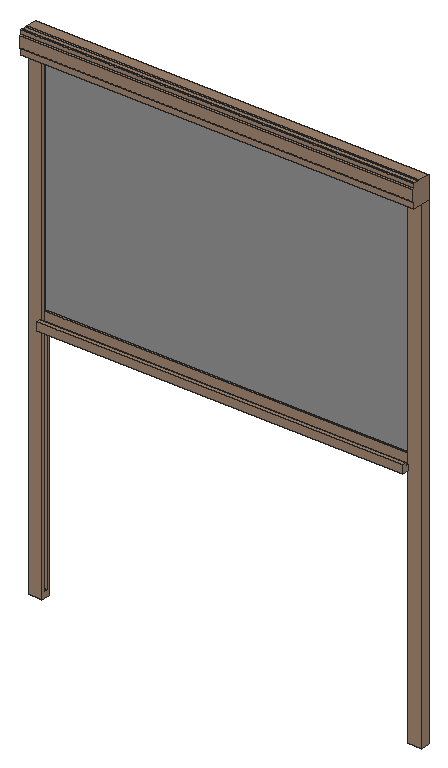
Revit family "Screen_Window_PrestigeSeries_PhantomScreens", category Windows, host Wall, Revit 2017
Family settings
  Host = Wall
  OmniClass Number = 23.30.60.21
  OmniClass Title = Insect Screens
  Always vertical = Yes
  Cut with Voids When Loaded = No
  Shared = No
  Room Calculation Point = No
Parameters (values of type "Type as Specified")
  Wooden Slide Bar = Dark Ash
  URL = "http://www.phantomscreens.com/"
  Track Width = 0' - 1 89/256"
  Track Depth = 0' - 0 223/256"
  Specification = "http://www.phantomscreens.com/architects-designers/specifications-binder/"
  Slide Bar Height = 0' - 1.395"
  Slide Bar Depth = 0' - 1 1/2"
  Screen Thickness = 0' - 0 1/32"
  Screen = BetterVue™ Mesh
  Sales Information = "http://www.phantomscreens.com/support/"
  Revision = "R1_08-2016"
  Product Properties = "http://www.phantomscreens.com/drive/uploads/2015/05/technical_specs_serene.pdf"
  Product Data = "http://www.arcat.com/arcatcos/cos9540/arc40535.html"
  Percent Open [instance] = 50
  Model = "Prestige Series"
  Manufacturer Website = "http://www.phantomscreens.com/"
  Manufacturer Phone - Toll Free = ""
  Manufacturer Phone = "604-855-3654"
  Manufacturer Fax = "604-855-7834"
  Manufacturer Address = "30451 Simpson Rd.; Abbotsford; BC; Canada V2T 6C7"
  Manufacturer = "Phantom Screens"
  Keynote = "08 11 00"
  Installation-Fabrication = "http://www.phantomscreens.com/architects-designers/options/"
  Housing Depth = 0' - 1.901"
  Housing Height = 0' - 2.264"
  Height [instance] = 4' - 0"
  Drawn By = "Sumex Design - Robert S Weygant"
  Description = "Phantom Screens Prestige Series Screen"
  Default Sill Height = 3' - 0"
  Wall Closure = By host
  Width [instance] = 3' - 0"
  Copyright = "� 2016 ARCAT Inc."
  Construction Details = "http://www.arcat.com/details/phantoms/95prod3446.html"
  Assembly Code = "B2020400"
  Amount Open [instance] = Height * (Percent Open / 100)  # 2' - 0"
  Aluminum Track = Dark Ash
  Aluminum Slide Bar = Dark Ash
  Aluminum Housing = Dark Ash
Reference planes (in)
  plane 1 "Center (Front/Back)": y = 0
  plane 2: z = 0
  plane 3 "Center (Left/Right)": x = 0
  plane 4 "Left": x = -18
  plane 5 "Right": x = 18
  plane 6 "Sill": z = 36
  plane 7 "Top": z = 84
  plane 8: z = 86.264
  plane 9: x = 19.34766
  plane 10: x = -19.34766
  plane 11: y = -3
  plane 12: y = -4.901
  plane 13: z = 60
  plane 14: z = 61.395
  plane 15: y = -3.35938
  plane 16: y = -3.39062
  plane 17: y = -3.87109
  plane 18: y = -4.5
Forms (in)
  Extrusion 1, solid, material "Dark Ash" <- "Aluminum Track"
    sketch origin (0, 0, 0) x (1, 0, 0) y (0, 0, 1)
      loop
        line (19.34766, 84) -> (18, 84) -> (18, 36) -> (19.34766, 36) -> (19.34766, 84)
    from 3 to 3.87109
  Extrusion 2, solid, material "Dark Ash" <- "Aluminum Track"
    sketch origin (0, 0, 0) x (-1, 0, 0) y (0, 0, -1)
      loop
        line (19.34766, -84) -> (19.34766, -36) -> (18, -36) -> (18, -84) -> (19.34766, -84)
    from 3 to 3.87109
  Extrusion 3, solid, material "Dark Ash" <- "Wooden Slide Bar"
    sketch origin (0, 0, 0) x (0, 1, 0) y (0, 0, 1)
      loop
        line (-3, 61.395) -> (-3.64665, 61.395) -> (-3.64665, 60.54676) -> (-4.12903, 60.54676) -> (-4.12903, 60.79676) -> (-4.5, 60.79676) -> (-4.5, 60) -> (-3, 60) -> (-3, 61.395)
    from -18 to 18
  Extrusion 4, solid, material "BetterVue™ Mesh" <- "Screen"
    sketch origin (0, 0, 0) x (0, 1, 0) y (0, 0, 1)
      loop
        line (-3.35938, 61.395) -> (-3.35938, 84) -> (-3.39062, 84) -> (-3.39062, 61.395) -> (-3.35938, 61.395)
    from -18 to 18
  Extrusion 5, solid, material "Dark Ash" <- "Aluminum Housing"
    sketch origin (0, 0, 0) x (0, 1, 0) y (0, 0, 1)
      loop
        line (-3, 84) -> (-3, 86.264) -> (-4.14063, 86.264) -> (-4.21254, 86.19208) -> (-4.62425, 86.19208) -> (-4.66577, 86.264) -> (-4.74056, 86.264) -> (-4.78672, 86.21783) -> (-4.78672, 85.81578) -> (-4.901, 85.7015) -> (-4.901, 84.6875) -> (-4.78672, 84.57322) -> (-4.78672, 84) -> (-3, 84)
    from -19.34766 to 19.34766
  Extrusion 6, void
    sketch origin (0, 0, 36) x (0, -1, 0) y (1, 0, 0)
      loop
        line (3.23437, 18) -> (3.66016, 18) -> (3.66016, 18.37421) -> (3.76953, 18.37421) -> (3.76953, 19.09766) -> (3.13803, 19.09766) -> (3.13803, 18.37421) -> (3.23437, 18.37421) -> (3.23437, 18)
      loop
        line (3.23437, -18) -> (3.23437, -18.37421) -> (3.13803, -18.37421) -> (3.13803, -19.09766) -> (3.76953, -19.09766) -> (3.76953, -18.37421) -> (3.66016, -18.37421) -> (3.66016, -18) -> (3.23437, -18)
    from 0.62071 to 48
Cuts and joins
  Extrusion 6 cuts Extrusion 1
  Extrusion 6 cuts Extrusion 2
Text (in)
  text "EXTERIOR" at (-69.21001, -25.56818, 0), in view "Ref. Level"
  text "INTERIOR" at (-66.85452, 30.38598, 0), in view "Ref. Level"
  text "Exterior" at (0, 43.65631, 123.19604), in view "Left"
  text "Exterior" at (0, 18.29385, 125.04747), in view "Right"
Dimensions and locks (in)
  equal spacing: plane 4 "Left", plane 3 "Center (Left/Right)", plane 5 "Right"
  "Width": plane 4 "Left" to plane 5 "Right"
  "Height": plane 6 "Sill" to plane 7 "Top"
  "Default Sill Height": plane 2 to plane 6 "Sill"
  "Housing Height": plane 7 "Top" to plane 8
  "Housing Depth": plane 11 to plane 12
  "Screen Thickness": plane 15 to plane 16
  "Slide Bar Height": plane 13 to plane 14
  "Track Width": plane 5 "Right" to plane 9
  "Track Width": plane 10 to plane 4 "Left"
  "Track Depth": plane 17 to plane 11
  "Slide Bar Depth": plane 18 to plane 11
  "Amount Open": plane 13 to plane 6 "Sill"
  aligned and locked: level to plane 2
  aligned and locked: Extrusion 1 to plane 11
  aligned and locked: Extrusion 2 to plane 4 "Left"
  aligned and locked: plane 10 to Extrusion 2
  aligned and locked: plane 14 to Extrusion 3 sketch curve
  aligned and locked: Extrusion 3 sketch curve to plane 11
  aligned and locked: Extrusion 3 sketch curve to plane 13
  aligned and locked: Extrusion 3 to Extrusion 4 sketch curve
  aligned and locked: Extrusion 4 sketch curve to plane 15
  aligned and locked: plane 7 "Top" to Extrusion 4 sketch curve
  aligned and locked: plane 16 to Extrusion 4 sketch curve
  aligned and locked: Extrusion 3 to plane 5 "Right"
  aligned and locked: Extrusion 4 to plane 5 "Right"
  aligned and locked: plane 5 "Right" to Extrusion 3  (x2)
  aligned and locked: Extrusion 1 to plane 9
  aligned and locked: plane 4 "Left" to Extrusion 3
  aligned and locked: plane 14 to Extrusion 3  (x2)
  aligned and locked: Extrusion 3 to plane 13  (x2)
  aligned and locked: Extrusion 4 to plane 7 "Top"
  aligned and locked: plane 5 "Right" to Extrusion 1
  aligned and locked: Extrusion 4 to plane 16
  aligned and locked: plane 15 to Extrusion 4
  aligned and locked: Extrusion 2 to plane 11
  aligned and locked: Extrusion 4 to plane 14
  aligned and locked: Extrusion 3 to plane 11
  aligned and locked: plane 4 "Left" to Extrusion 4
  aligned and locked: Extrusion 5 sketch curve to plane 11
  aligned and locked: plane 7 "Top" to Extrusion 5 sketch curve
  aligned and locked: plane 12 to Extrusion 5 sketch curve
  aligned and locked: plane 8 to Extrusion 5  (x3)
  aligned and locked: plane 12 to Extrusion 5  (x2)
  aligned and locked: plane 7 "Top" to Extrusion 5  (x2)
  aligned and locked: Extrusion 5 to plane 9
  aligned and locked: plane 10 to Extrusion 5
  aligned and locked: Extrusion 1 to plane 17
  aligned and locked: Extrusion 2 to Extrusion 1
  aligned and locked: plane 18 to Extrusion 3
  aligned and locked: Extrusion 5 to plane 11  (x2)
  aligned and locked: Extrusion 6 to plane 7 "Top"
  aligned and locked: cut or joined group of Extrusion 2, Extrusion 6 to plane 11
  aligned and locked: plane 11 to cut or joined group of Extrusion 1, Extrusion 6
  aligned and locked: plane 11 to host wall
Automatic sketch dimensions
  plane 4 "Left" to Extrusion 2 sketch curve = 0' - 0"
  Extrusion 2 sketch curve to plane 6 "Sill" = 0' - 0"
  plane 10 to Extrusion 2 sketch curve = 0' - 0"
  Extrusion 2 sketch curve to plane 7 "Top" = 0' - 0"
  Extrusion 3 sketch curve to plane 16 = 0' - 0.25603"
  plane 13 to Extrusion 3 sketch curve = 0' - 0.54676"
  Extrusion 3 sketch curve to Extrusion 3 sketch curve = 0' - 0 1/4"
  plane 9 to Extrusion 1 sketch curve = 0' - 0"
  Extrusion 1 sketch curve to plane 7 "Top" = 0' - 0"
  Extrusion 3 sketch curve to plane 17 = 0' - 0.25794"
  Extrusion 3 sketch curve to plane 12 = 0' - 0.401"
  plane 5 "Right" to Extrusion 1 sketch curve = 0' - 0"
  Extrusion 1 sketch curve to plane 6 "Sill" = 0' - 0"
  Extrusion 5 sketch curve to plane 8 = 0' - 0.04617"
  Extrusion 5 sketch curve to plane 8 = 0' - 0"  (x2)
  Extrusion 5 sketch curve to plane 12 = 0' - 0.11428"  (x2)
  Extrusion 5 sketch curve to Extrusion 5 sketch curve = 0' - 0.04617"
  Extrusion 5 sketch curve to Extrusion 5 sketch curve = 0' - 0.4117"
  Extrusion 5 sketch curve to Extrusion 5 sketch curve = 0' - 0.07192"
  Extrusion 5 sketch curve to plane 7 "Top" = 0' - 0.57322"
  Extrusion 5 sketch curve to Extrusion 5 sketch curve = 0' - 0.11428"  (x2)
  Extrusion 5 sketch curve to plane 8 = 0' - 0 9/16"
  Extrusion 5 sketch curve to Extrusion 5 sketch curve = 0' - 0.07479"
  Extrusion 5 sketch curve to Extrusion 5 sketch curve = 0' - 0.04152"
  Extrusion 5 sketch curve to plane 8 = 0' - 0.07192"
  Extrusion 6 sketch curve to plane 5 "Right" = 0' - 0"
  Extrusion 6 sketch curve to plane 4 "Left" = 0' - 0"
  plane 15 to Extrusion 6 sketch curve = 0' - 0 1/8"  (x2)
  Extrusion 6 sketch curve to Extrusion 6 sketch curve = 0' - 0.09635"  (x2)
  plane 17 to Extrusion 6 sketch curve = 0' - 0 27/128"
  plane 17 to Extrusion 6 sketch curve = 0' - 0 13/128"  (x2)
  plane 4 "Left" to Extrusion 6 sketch curve = 0' - 0.37421"  (x2)
  Extrusion 6 sketch curve to plane 5 "Right" = 0' - 0.37421"  (x2)
  plane 9 to Extrusion 6 sketch curve = 0' - 0 1/4"
  Extrusion 6 sketch curve to plane 10 = 0' - 0 1/4"
  Extrusion 6 sketch curve to Extrusion 6 sketch curve = 0' - 0 7/64"
